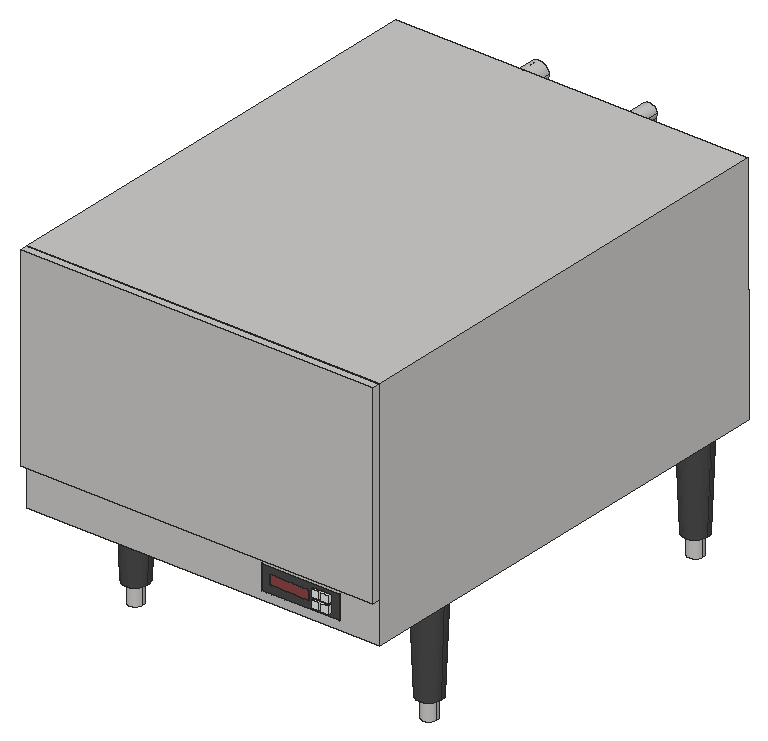
Revit family "QF_Hubbell_J6_24-58_cat", category Specialty Equipment, Revit 2012
Parameters (values of type "Requires Type Catalog QF_Hubbell_J6_24-58_cat.txt")
  Width = 1' - 6"
  Weight in Pounds = 95
  Watts = 1000 W
  Watermarked By = "http://revitwatermark.com"
  Volts = 120 V
  URL Cutsheet = ""
  URL = "www.hubbellheaters.com"
  Status [instance] = ""
  Specification by User [instance] = ""
  Specification by Manufacturer [instance] = ""
  Serial Number [instance] = ""
  Revision Code [instance] = ""
  Plumbing Remarks [instance] = ""
  Plumbing Connection Type [instance] = ""
  Phase = 1
  Number of Poles [instance] = 1
  NAFEM Spec ID Number [instance] = ""
  Model = "-"
  Min Ckt Ampacity = 10 A
  Masterspec [instance] = ""
  Manufacturer = "Hubbell"  # constant formula
  Leg Depth Separation = 1' - 5"
  Item Number [instance] = "-"
  Installed By [instance] = ""
  Hot Water Temperature [instance] = 140 °F
  Hot Water Size = 3/4"
  Hot Water RI Height [instance] = 0' - 0"
  Hot Water Minimum Pressure = 20.00 psi
  Hot Water Maximum Pressure = 75.00 psi
  Hot Water Flow = 0.00 GPM
  Hot Water Consumption = 0.00 GPM
  Hot Water Connection Height = 0' - 9 5/16"
  Height = 1' - 6"
  Furnished By [instance] = ""
  Foodservice Equipment Identifier = yes
  FL Amps = 10 A
  Electrical Remarks [instance] = ""
  Electric Connection Type [instance] = ""
  Elec Conn RI Height [instance] = 0' - 0"
  Elec Conn Connection Height = 0' - 7 5/16"
  Description = "Electric Booster Heater"
  Overall Depth = 2' - 5 1/8"
  Cycle = 60 Hz
  Conn Conduit = yes
  CSI MasterFormat = "11 40 00"
  Box Depth = 2' - 0"
  Assembly Code = "E1090320"
  Apparent Power = if(Phase = 3, Volts * FL Amps * 1.73, Volts * FL Amps)  # 1200 VA
Reference planes (in)
  plane 1 "BACK": y = 0
  plane 2: z = 0
  plane 3 "LEFT": x = -19.72626
  plane 4 "RIGHT": x = -1.72626
  plane 5 "FRONT": y = -29.125
  plane 6 "Bottom": z = 6
  plane 7 "TOP": z = 18
  plane 8 "Back of Box": y = -5.125
  plane 9: z = 8.125
  plane 10 "Rear Legs": y = -6.625
  plane 11 "Front Legs": y = -23.625
  plane 12 "Right Legs": x = -3.22626
  plane 13 "Left Legs": x = -18.22626
  plane 14 "Front of Box": y = -28.6875
  plane 15 "Relief Valve Elev": z = 15.5
  plane 16 "HW Out Elev": z = 17.5
  plane 17 "HW In Elev": z = 9.625
  plane 18 "HW": x = -13.22626
  plane 19 "Relief Valve": x = -9.97626
Forms (in)
  Extrusion 1, solid, material "QF_Finishes_Stainless Steel"
    sketch origin (0, 0, 6) x (0, 1, 0) y (-1, 0, 0)
      loop
        line (-5.125, 19.72626) -> (-28.6875, 19.72626) -> (-28.6875, 1.72626) -> (-5.125, 1.72626) -> (-5.125, 19.72626)
    from 0 to 12
  Extrusion 2, solid, material "QF_Finishes_Stainless Steel"
    sketch origin (0, -28.6875, 0) x (1, 0, 0) y (0, 0, 1)
      loop
        line (-19.72626, 18) -> (-19.72626, 8.125) -> (-1.72626, 8.125) -> (-1.72626, 18) -> (-19.72626, 18)
    from 0 to 0.4375
  Extrusion 3, void
    sketch origin (0, -28.6875, 0) x (1, 0, 0) y (0, 0, 1)
      loop
        line (-7.72626, 6.4375) -> (-3.72626, 6.4375) -> (-3.72626, 7.6875) -> (-7.72626, 7.6875) -> (-7.72626, 6.4375)
    from 0 to -0.125
  Extrusion 4, solid, material "QF_Finishes_Black"
    sketch origin (0, -28.6875, 0) x (1, 0, 0) y (0, 0, 1)
      loop
        line (-3.72626, 7.6875) -> (-7.72626, 7.6875) -> (-7.72626, 6.4375) -> (-3.72626, 6.4375) -> (-3.72626, 7.6875)
      loop
        line (-4.22626, 7.125) -> (-4.22626, 7.5) -> (-4.60126, 7.5) -> (-4.60126, 7.125) -> (-4.22626, 7.125)
      loop
        line (-4.22626, 6.625) -> (-4.22626, 7) -> (-4.60126, 7) -> (-4.60126, 6.625) -> (-4.22626, 6.625)
      loop
        line (-4.72626, 7.125) -> (-4.72626, 7.5) -> (-5.10126, 7.5) -> (-5.10126, 7.125) -> (-4.72626, 7.125)
      loop
        line (-4.72626, 6.625) -> (-4.72626, 7) -> (-5.10126, 7) -> (-5.10126, 6.625) -> (-4.72626, 6.625)
      loop
        line (-5.35126, 7.3125) -> (-7.35126, 7.3125) -> (-7.35126, 6.8125) -> (-5.35126, 6.8125) -> (-5.35126, 7.3125)
    from 0 to -0.125
  Extrusion 5, solid, material "QF_Finishes_LED - Red Off"
    sketch origin (0, -28.6875, 0) x (1, 0, 0) y (0, 0, 1)
      loop
        line (-7.35126, 7.3125) -> (-7.35126, 6.8125) -> (-5.35126, 6.8125) -> (-5.35126, 7.3125) -> (-7.35126, 7.3125)
    from 0 to -0.125
  Extrusion 6, solid, material "QF_Finishes_White"
    sketch origin (0, -28.6875, 0) x (1, 0, 0) y (0, 0, 1)
      loop
        line (-5.10126, 7.5) -> (-5.10126, 7.125) -> (-4.72626, 7.125) -> (-4.72626, 7.5) -> (-5.10126, 7.5)
      loop
        line (-4.60126, 7.125) -> (-4.22626, 7.125) -> (-4.22626, 7.5) -> (-4.60126, 7.5) -> (-4.60126, 7.125)
      loop
        line (-5.10126, 7) -> (-5.10126, 6.625) -> (-4.72626, 6.625) -> (-4.72626, 7) -> (-5.10126, 7)
      loop
        line (-4.60126, 7) -> (-4.60126, 6.625) -> (-4.22626, 6.625) -> (-4.22626, 7) -> (-4.60126, 7)
    from -0.125 to 0.125
  Extrusion 7, solid, material "QF_Finishes_Stainless Steel"
    sketch origin (0, 0, 0) x (1, 0, 0) y (0, 1, 0)
      loop
        circle (-18.22626, -6.625) r 0.375
      loop
        circle (-3.22626, -6.625) r 0.375
      loop
        circle (-18.22626, -23.625) r 0.375
      loop
        circle (-3.22626, -23.625) r 0.375
    from 0 to 1
  Blend 8, solid, material "QF_Finishes_Black"
    base sketch origin (0, 0, 0) x (1, 0, 0) y (0, 1, 0)
      loop
        circle (-18.22626, -6.625) r 0.625
    top sketch origin (0, 0, 0) x (1, 0, 0) y (0, 1, 0)
      loop
        circle (-18.22626, -6.625) r 0.8125
    from 1 to 6
  Blend 9, solid, material "QF_Finishes_Black"
    base sketch origin (10, 0, 0) x (1, 0, 0) y (0, 1, 0)
      loop
        circle (-13.22626, -6.625) r 0.625
    top sketch origin (10, 0, 0) x (1, 0, 0) y (0, 1, 0)
      loop
        circle (-13.22626, -6.625) r 0.8125
    from 1 to 6
  Blend 10, solid, material "QF_Finishes_Black"
    base sketch origin (10, -14.125, 0) x (1, 0, 0) y (0, 1, 0)
      loop
        circle (-13.22626, -9.5) r 0.625
    top sketch origin (10, -14.125, 0) x (1, 0, 0) y (0, 1, 0)
      loop
        circle (-13.22626, -9.5) r 0.8125
    from 1 to 6
  Blend 11, solid, material "QF_Finishes_Black"
    base sketch origin (0, -14.125, 0) x (1, 0, 0) y (0, 1, 0)
      loop
        circle (-18.22626, -9.5) r 0.625
    top sketch origin (0, -14.125, 0) x (1, 0, 0) y (0, 1, 0)
      loop
        circle (-18.22626, -9.5) r 0.8125
    from 1 to 6
  Extrusion 12, solid, material "QF_Finishes_Stainless Steel"
    sketch origin (0, -5.125, 0) x (1, 0, 0) y (0, 0, 1)
      loop
        circle (-13.22626, 9.625) r 0.375
      loop
        circle (-13.22626, 9.625) r 0.5
    from 0 to -1
  Extrusion 13, solid, material "QF_Finishes_Stainless Steel"
    sketch origin (0, -5.125, 0) x (1, 0, 0) y (0, 0, 1)
      loop
        circle (-13.22626, 17.5) r 0.375
      loop
        circle (-13.22626, 17.5) r 0.5
    from 0 to -1
  Extrusion 14, solid, material "QF_Finishes_Stainless Steel"
    sketch origin (0, -5.125, 0) x (1, 0, 0) y (0, 0, 1)
      loop
        circle (-9.97626, 15.5) r 0.625
    from 0 to -0.5625
  Extrusion 15, solid, material "QF_Finishes_Stainless Steel"
    sketch origin (0, -5.125, 0) x (1, 0, 0) y (0, 0, 1)
      loop
        circle (-9.97626, 15.5) r 0.375
    from -0.5625 to -4
  Extrusion 16, solid, material "QF_Finishes_Stainless Steel"
    sketch origin (0, 0, 15.5) x (0, 1, 0) y (-1, 0, 0)
      loop
        circle (-1.3125, 9.97626) r 0.375
      loop
        circle (-1.3125, 9.97626) r 0.25
    from 0 to -1.0625
  Extrusion 17, void
    sketch origin (-19.72626, 0, 0) x (0, 1, 0) y (0, 0, 1)
      loop
        circle (-26.625, 7.0625) r 0.25
    from 0 to 0.125
Cuts and joins
  Extrusion 3, Extrusion 17 cuts Extrusion 1
Lines and regions (in)
  symbolic lines, style "SpecialityEquipmentHiddenLines"
    curve 1: line (-19.72626, -5.125, 15.5) -> (-1.72626, -5.125, 15.5)
    curve 2: line (-19.72626, -29.125, 15.5) -> (-19.72626, -5.125, 15.5)
    curve 3: line (-1.72626, -29.125, 15.5) -> (-19.72626, -29.125, 15.5)
    curve 4: line (-1.72626, -5.125, 15.5) -> (-1.72626, -29.125, 15.5)
Dimensions and locks (in)
  "Width": plane 4 "RIGHT" to plane 3 "LEFT"
  "Overall Depth": plane 5 "FRONT" to plane 1 "BACK"
  "Box Depth": plane 5 "FRONT" to plane 8 "Back of Box"
  locked: plane 9 to plane 6 "Bottom" at 2.125
  locked: plane 6 "Bottom" to level at 6
  "Height": plane 7 "TOP" to level
  locked: plane 3 "LEFT" to plane 13 "Left Legs" at 1.5
  locked: plane 12 "Right Legs" to plane 4 "RIGHT" at 1.5
  locked: plane 10 "Rear Legs" to plane 8 "Back of Box" at 1.5
  "Leg Depth Separation": plane 10 "Rear Legs" to plane 11 "Front Legs"
  locked: plane 5 "FRONT" to plane 14 "Front of Box" at 0.4375
  locked: plane 4 "RIGHT" to Extrusion 3 sketch curve at 2
  locked: Extrusion 3 sketch curve to plane 6 "Bottom" at 0.4375
  locked: Extrusion 3 sketch curve to Extrusion 3 sketch curve at 1.25
  locked: Extrusion 3 sketch curve to Extrusion 3 sketch curve at 4
  plane 15 "Relief Valve Elev" to plane 6 "Bottom" = 0' - 9 1/2"
  locked: plane 16 "HW Out Elev" to plane 15 "Relief Valve Elev" at 2
  locked: plane 16 "HW Out Elev" to plane 17 "HW In Elev" at 7.875
  locked: plane 3 "LEFT" to plane 18 "HW" at 6.5
  locked: plane 18 "HW" to plane 19 "Relief Valve" at 3.25
  locked: Extrusion 16 sketch curve to plane 1 "BACK" at 1.3125  (x2)
  locked: Extrusion 17 sketch curve to plane 5 "FRONT" at 2.5
  locked: Extrusion 17 sketch curve to plane 6 "Bottom" at 1.0625
  aligned and locked: level to plane 2
  aligned and locked: plane 8 "Back of Box" to Extrusion 1 sketch curve
  aligned and locked: plane 3 "LEFT" to Extrusion 1 sketch curve
  aligned and locked: Extrusion 1 sketch curve to plane 14 "Front of Box"
  aligned and locked: Extrusion 1 sketch curve to plane 4 "RIGHT"
  aligned and locked: plane 7 "TOP" to Extrusion 1
  aligned and locked: plane 3 "LEFT" to Extrusion 2 sketch curve
  aligned and locked: Extrusion 2 sketch curve to plane 7 "TOP"
  aligned and locked: Extrusion 2 sketch curve to plane 4 "RIGHT"
  aligned and locked: plane 9 to Extrusion 2 sketch curve
  aligned and locked: plane 5 "FRONT" to Extrusion 2
  aligned and locked: plane 6 "Bottom" to Blend 8
  aligned and locked: curve 1 to cut or joined group of Extrusion 1, Extrusion 3, Extrusion 17
  aligned and locked: curve 2 to cut or joined group of Extrusion 1, Extrusion 3, Extrusion 17
  aligned and locked: curve 3 to Extrusion 2
  aligned and locked: curve 4 to Extrusion 2
Automatic sketch dimensions
  Extrusion 4 sketch curve to plane 9 = 0' - 0 7/16"
  Extrusion 4 sketch curve to plane 12 "Right Legs" = 0' - 4 1/2"
  Extrusion 4 sketch curve to Extrusion 4 sketch curve = 0' - 0 3/8"  (x4)
  plane 6 "Bottom" to Extrusion 4 sketch curve = 0' - 0 13/16"
  Extrusion 4 sketch curve to Extrusion 4 sketch curve = 0' - 2"
  Extrusion 4 sketch curve to Extrusion 4 sketch curve = 0' - 0 1/4"
  Extrusion 4 sketch curve to Extrusion 4 sketch curve = 0' - 0"  (x6)
  Extrusion 4 sketch curve to Extrusion 4 sketch curve = 0' - 0 1/8"  (x3)
  Extrusion 4 sketch curve to plane 12 "Right Legs" = 0' - 0 1/2"
  plane 6 "Bottom" to Extrusion 4 sketch curve = 0' - 0 5/8"
  plane 6 "Bottom" to Extrusion 4 sketch curve = 0' - 0 7/16"
  Extrusion 4 sketch curve to Extrusion 4 sketch curve = 0' - 0 3/16"  (x2)
  Extrusion 4 sketch curve to Extrusion 4 sketch curve = 0' - 0 1/2"
  plane 6 "Bottom" to Extrusion 5 sketch curve = 0' - 0 13/16"
  Extrusion 5 sketch curve to plane 12 "Right Legs" = 0' - 4 1/8"
  Extrusion 5 sketch curve to Extrusion 5 sketch curve = 0' - 2"
  Extrusion 5 sketch curve to Extrusion 5 sketch curve = 0' - 0 1/2"
  Extrusion 6 sketch curve to plane 9 = 0' - 0 5/8"
  Extrusion 6 sketch curve to plane 12 "Right Legs" = 0' - 1 7/8"
  Extrusion 6 sketch curve to Extrusion 6 sketch curve = 0' - 0"  (x6)
  Extrusion 6 sketch curve to Extrusion 6 sketch curve = 0' - 0 3/8"  (x5)
  Extrusion 6 sketch curve to Extrusion 6 sketch curve = 0' - 0 1/8"  (x3)
  Extrusion 7 sketch curve to plane 11 "Front Legs" = 0' - 0"  (x2)
  Extrusion 7 sketch curve to plane 13 "Left Legs" = 0' - 0"  (x2)
  Extrusion 7 sketch curve to plane 10 "Rear Legs" = 0' - 0"  (x2)
  Extrusion 7 sketch curve to plane 12 "Right Legs" = 0' - 0"  (x2)
  Blend 8 sketch curve to plane 10 "Rear Legs" = 0' - 0"  (x2)
  Blend 8 sketch curve to plane 13 "Left Legs" = 0' - 0"  (x2)
  Blend 9 sketch curve to plane 10 "Rear Legs" = 0' - 0"  (x2)
  Blend 9 sketch curve to plane 12 "Right Legs" = 0' - 0"  (x2)
  Blend 10 sketch curve to plane 11 "Front Legs" = 0' - 0"  (x2)
  Blend 10 sketch curve to plane 12 "Right Legs" = 0' - 0"  (x2)
  Blend 11 sketch curve to plane 11 "Front Legs" = 0' - 0"  (x2)
  Blend 11 sketch curve to plane 13 "Left Legs" = 0' - 0"  (x2)
  Extrusion 12 sketch curve to Extrusion 12 sketch curve = 0' - 0"  (x2)
  Extrusion 12 sketch curve to plane 17 "HW In Elev" = 0' - 0"
  Extrusion 12 sketch curve to plane 18 "HW" = 0' - 0"
  Extrusion 13 sketch curve to Extrusion 13 sketch curve = 0' - 0"  (x2)
  Extrusion 13 sketch curve to plane 16 "HW Out Elev" = 0' - 0"
  Extrusion 13 sketch curve to plane 18 "HW" = 0' - 0"
  Extrusion 14 sketch curve to plane 15 "Relief Valve Elev" = 0' - 0"
  Extrusion 14 sketch curve to plane 19 "Relief Valve" = 0' - 0"
  Extrusion 15 sketch curve to plane 15 "Relief Valve Elev" = 0' - 0"
  Extrusion 15 sketch curve to plane 19 "Relief Valve" = 0' - 0"
  Extrusion 16 sketch curve to plane 19 "Relief Valve" = 0' - 0"
  Extrusion 16 sketch curve to Extrusion 16 sketch curve = 0' - 0"
  radius of Extrusion 7 sketch curve = 0' - 0 3/8"  (x4)
  radius of Blend 8 sketch curve = 0' - 0 5/8"
  radius of Blend 8 sketch curve = 0' - 0 13/16"
  radius of Blend 9 sketch curve = 0' - 0 5/8"
  radius of Blend 9 sketch curve = 0' - 0 13/16"
  radius of Blend 10 sketch curve = 0' - 0 5/8"
  radius of Blend 10 sketch curve = 0' - 0 13/16"
  radius of Blend 11 sketch curve = 0' - 0 5/8"
  radius of Blend 11 sketch curve = 0' - 0 13/16"
  radius of Extrusion 12 sketch curve = 0' - 0 3/8"
  radius of Extrusion 12 sketch curve = 0' - 0 1/2"
  radius of Extrusion 13 sketch curve = 0' - 0 3/8"
  radius of Extrusion 13 sketch curve = 0' - 0 1/2"
  radius of Extrusion 14 sketch curve = 0' - 0 5/8"
  radius of Extrusion 15 sketch curve = 0' - 0 3/8"
  radius of Extrusion 16 sketch curve = 0' - 0 3/8"
  radius of Extrusion 16 sketch curve = 0' - 0 1/4"
  radius of Extrusion 17 sketch curve = 0' - 0 1/4"
Connectors (in)
  piping at (-13.22626, -4.125, 9.625), driven by "Hot Water Flow"
    settings: on Extrusion 12, index 1, connector radius 3/8", flow factor 0, pipe flow 0.00 GPM, pressure drop 0.00 psi, fitting loss kfactor 0, connector angle 0.00°, fixture units 0, engagement length 0' - 0", flow configuration 1, flow direction 1, fitting loss method 0, system type 19, joint type 0, gender type 0, connector reference index -1, connector utility 0, adjustable connector no, is connector primary yes, fitting loss table "", connector description "Hot Water In"
  piping at (-13.22626, -4.125, 17.5), driven by "Hot Water Flow"
    settings: on Extrusion 13, index 2, connector radius 3/8", flow factor 0, pipe flow 0.00 GPM, pressure drop 0.00 psi, fitting loss kfactor 0, connector angle 0.00°, fixture units 0, engagement length 0' - 0", flow configuration 1, flow direction 2, fitting loss method 0, system type 19, joint type 0, gender type 0, connector reference index -1, connector utility 0, adjustable connector no, is connector primary no, fitting loss table "", connector description "Hot Water Out"
  electrical at (-19.72626, -26.625, 7.0625), driven by "Number of Poles", driven by "Volts", driven by "Apparent Power"
    settings: on cut or joined group of Extrusion 1, Extrusion 3, Extrusion 17, index 3, voltage 120 V, apparent load 1200 VA, apparent load phase1 0 VA, apparent load phase2 0 VA, apparent load phase3 0 VA, power factor 1, load classification "Other", number of poles 1, system type 30, power factor state 1, is connector primary yes, connector utility no, sub classification motor no, connector description "Electric Connection"
